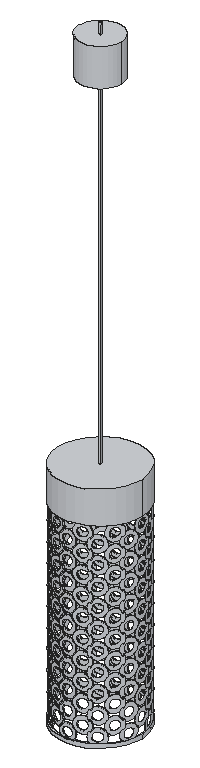
Revit family "MR_ОсветительныйПрибор_Ego_Подвесной", category Осветительные приборы, Revit 2020
Family settings
  Размер круглого соединителя = Использовать диаметр
  Тип детали = Нормальный
  На основе рабочей плоскости = Да
  Всегда вертикально = Да
  При загрузке вырезать с полостями = Нет
  Источник света = Да
  Общий = Да
  Точка расчета площади = Нет
Parameters (values of type "Ego_Подвесной_4000k")
  built-in parameter 1150104 = 13.8 (stored number, unit not read)
  built-in parameter 1150134 = 12
  Файл фотометрической сетки = "P864674NCNW.ies"
  Tilt Angle = 90.00°
  built-in parameter 1150137 = (empty or 0)
  built-in parameter 1150132 = 2
  built-in parameter 1150114 = 1 (stored number, unit not read)
  Dimming Lamp Color Temperature Shift = (empty or 0)
  built-in parameter 1150105 = 1239.3 (stored number, unit not read)
  Color Filter = 16777215
  Lumens = 1609 lm
  Самосветящий материал = Источник света по умолчанию
  built-in parameter 1150109 = 1 (stored number, unit not read)
  built-in parameter 1150112 = 1 (stored number, unit not read)
  built-in parameter 1150110 = 1 (stored number, unit not read)
  built-in parameter 1150113 = 1 (stored number, unit not read)
  built-in parameter 1150115 = 1 (stored number, unit not read)
  built-in parameter 1114218 = 1 (stored number, unit not read)
  built-in parameter 1114217 = 1 (stored number, unit not read)
  Apparent Load = ADSK_Номинальная мощность / ADSK_Коэффициент мощности  # 13.2653 VA
  Default Elevation = 1219.2 mm
  built-in parameter 1150106 = 12.393 (stored number, unit not read)
  Описание = "Ego подвесной"  # constant formula
  ОгрПодвеса [instance] = if(Длина подвеса < 50 mm, 50 mm, if(Длина подвеса > 2000 mm, 2000 mm, Длина подвеса))  # 1000 mm
  built-in parameter 1150133 = 10 (stored number, unit not read)
  Wattage = 10.832 W
  built-in parameter 1150139 = (empty or 0)
  Климатическая зона = "УХЛ1"  # constant formula
  Класс Защиты = "I"  # constant formula
  built-in parameter 1150138 = (empty or 0)
  built-in parameter 1150107 = 4000 (stored number, unit not read)
  built-in parameter 1150102 = (empty or 0)
  Emit from Circle Diameter = 30 mm
  Длина подвеса [instance] = 1000 mm
  Группа модели = "Ego"  # constant formula
  Видимая форма излучения при визуализации = yes
  IP Class = "IP65"  # constant formula
  ADSK_Этаж = ""
  ADSK_Ток = ADSK_Номинальная мощность / (ADSK_Коэффициент мощности * ADSK_Напряжение * sqrt(ADSK_Количество фаз числовое))  # 0.0576752 A
  ADSK_Примечание = ""
  ADSK_Полная мощность = ADSK_Номинальная мощность / ADSK_Коэффициент мощности  # 13.2653 VA
  ADSK_Позиция = ""
  ADSK_Номинальная мощность = 13 W
  ADSK_Напряжение = 230 V
  ADSK_Наименование = "Ego_Подвесной_4000k"
  ADSK_Материал = none
  ADSK_Масса = 10
  ADSK_Марка = ""
  ADSK_Коэффициент мощности = 0.98
  ADSK_Количество фаз числовое = 1
  ADSK_Количество фаз = 1
  ADSK_Количество = 1  # constant formula
  ADSK_Код изделия = "P864779__NW"
  ADSK_Классификация нагрузок = Освещение
  ADSK_Завод-изготовитель = "MartiniRUS"  # constant formula
  ADSK_Единица измерения = "шт."  # constant formula
  ADSK_Группирование = "Наружное освещение_светильник"
  ADSK_URL страницы изделия = "https://martinirus.ru/products/outdoor/ego"
Types (3, lengths in mm): name | built-in parameter 1150134 | Файл фотометрической сетки | built-in parameter 1150105 | Lumens | built-in parameter 1150106 | Wattage | built-in parameter 1150107 | ADSK_Наименование | ADSK_Код изделия
  (no name) | 12 | "P864674NCNW.ies" | 1239.3 (stored number, unit not read) | 1609 lm | 12.393 (stored number, unit not read) | 10.832 W | 4000 (stored number, unit not read) | "Ego_Подвесной_4000k" | "P864779__NW"
  Ego_Подвесной_4000k | 12 | "P864674NCNW.ies" | 1239.3 (stored number, unit not read) | 1609 lm | 12.393 (stored number, unit not read) | 10.832 W | 4000 (stored number, unit not read) | "Ego_Подвесной_4000k" | "P864779__NW"
  Ego_Подвесной_3000k | (empty or 0) | "P864674NCWW.ies" | 27084.1 (stored number, unit not read) | 1555 lm | 270.84 (stored number, unit not read) | 10.4684 W | 3000 (stored number, unit not read) | "Ego_Подвесной_3000k" | "P864779__WW"
Reference planes
  plane 1 "По центру (Вперед/Назад)": y = 0
  plane 2: z = 0
  plane 3 "По центру (Влево/Вправо)": x = 0
  plane 4 "Отступ": z = -1000
Forms (mm)
  Extrusion 1, solid, material <- "ADSK_Материал"
    sketch origin (0, 0, -1000) x (-1, 0, 0) y (0, -1, 0)
      loop
        circle (0, 0) r 109.5
    from 0 to -85.565
  Extrusion 2, solid, material <- "ADSK_Материал"
    sketch origin (0, 0, -1000) x (-1, 0, 0) y (0, -1, 0)
      loop
        circle (0, 0) r 109.5
      loop
        circle (0, 0) r 106
    from -593.355 to -603.105
  Extrusion 3, solid, material <- "ADSK_Материал"
    sketch origin (0, 0, 0) x (1, 0, 0) y (0, 1, 0)
      loop
        circle (0, 0) r 2.5
    from -1000 to 26.234
  Extrusion 4, solid, material <- "ADSK_Материал"
    sketch origin (0, 0, 0) x (1, 0, 0) y (0, 1, 0)
      loop
        circle (0, 0) r 55
    from 0 to -97
Dimensions and locks
  locked: plane 4 "Отступ" to imposter light at 99.647
  "ОгрПодвеса": level to plane 4 "Отступ"
  aligned and locked: level to plane 2
  aligned and locked: Extrusion 3 to plane 4 "Отступ"
Automatic sketch dimensions
  plane 1 "По центру (Вперед/Назад)" to Extrusion 1 sketch curve = 0 mm
  Extrusion 1 sketch curve to plane 3 "По центру (Влево/Вправо)" = 0 mm
  Extrusion 2 sketch curve to Extrusion 2 sketch curve = 0 mm  (x2)
  plane 1 "По центру (Вперед/Назад)" to Extrusion 2 sketch curve = 0 mm
  Extrusion 2 sketch curve to plane 3 "По центру (Влево/Вправо)" = 0 mm
  plane 1 "По центру (Вперед/Назад)" to Extrusion 3 sketch curve = 0 mm
  Extrusion 3 sketch curve to plane 3 "По центру (Влево/Вправо)" = 0 mm
  plane 1 "По центру (Вперед/Назад)" to Extrusion 4 sketch curve = 0 mm
  Extrusion 4 sketch curve to plane 3 "По центру (Влево/Вправо)" = 0 mm
  radius of Extrusion 1 sketch curve = 109.5 mm
  radius of Extrusion 2 sketch curve = 109.5 mm
  radius of Extrusion 2 sketch curve = 106 mm
  radius of Extrusion 3 sketch curve = 2.5 mm
  radius of Extrusion 4 sketch curve = 55 mm
Nested families
  nested 1: "MR_Корпус_Ego_Формообразующее_Узор3" at (0, 0, -1605), Узор <- "ADSK_Материал", type "MR_Корпус_Ego_Формообразующее_Узор3"
    with Узор none
Connectors
  electrical at (0, 0, 0), driven by "ADSK_Количество фаз", driven by "ADSK_Классификация нагрузок", driven by "ADSK_Напряжение", driven by "ADSK_Полная мощность", driven by "ADSK_Коэффициент мощности"
    settings: index 1, voltage 230 V, apparent load 0 VA, apparent load phase1 13.2653 VA, apparent load phase2 0 VA, apparent load phase3 0 VA, power factor 0.98, load classification "Освещение", number of poles 1, system type 31, power factor state 1, is connector primary yes, connector utility no, sub classification motor no, connector description ""
Definition of nested family "MR_Корпус_Ego_Формообразующее_Узор3"
  Parameters (values of type "MR_Корпус_Ego_Формообразующее_Узор3")
    Узор [instance] = none
    Default Elevation = 1219.2 mm
  Reference planes
    plane 1 "По центру (Вперед/Назад)": y = 0
    plane 2: z = 0
    plane 3 "По центру (Влево/Вправо)": x = 0
    plane 4: z = 500
  Forms (mm)
    Extrusion 1, solid, material <- "Узор"
      sketch origin (0, 0, 0) x (1, 0, 0) y (0, 0, 1)
        loop
          circle (0, 176.063) r 12.559
        loop
          circle (0, 176.063) r 21.559
        loop
          circle (0, 126.063) r 12.559
        loop
          circle (0, 126.063) r 21.559
        loop
          circle (0, 76.063) r 12.559
        loop
          circle (0, 76.063) r 21.559
        loop
          circle (0, 26.063) r 12.559
        loop
          circle (0, 26.063) r 21.559
        loop
          circle (0, 326.063) r 12.559
        loop
          circle (0, 326.063) r 21.559
        loop
          circle (0, 276.063) r 12.559
        loop
          circle (0, 276.063) r 21.559
        loop
          circle (0, 226.063) r 12.559
        loop
          circle (0, 226.063) r 21.559
        loop
          circle (0, 476.063) r 12.559
        loop
          circle (0, 476.063) r 21.559
        loop
          circle (0, 426.063) r 12.559
        loop
          circle (0, 426.063) r 21.559
        loop
          circle (0, 376.063) r 12.559
        loop
          circle (0, 376.063) r 21.559
      from 104.688 to 105.772
    Extrusion 2, solid, material <- "Узор"
      sketch origin (0, 0, 25) x (0.957078, -0.28983, 0) y (0, 0, 1)
        loop
          circle (0, 176.063) r 12.559
        loop
          circle (0, 176.063) r 21.559
        loop
          circle (0, 126.063) r 12.559
        loop
          circle (0, 126.063) r 21.559
        loop
          circle (0, 76.063) r 12.559
        loop
          circle (0, 76.063) r 21.559
        loop
          circle (0, 26.063) r 12.559
        loop
          circle (0, 26.063) r 21.559
        loop
          circle (0, 326.063) r 12.559
        loop
          circle (0, 326.063) r 21.559
        loop
          circle (0, 276.063) r 12.559
        loop
          circle (0, 276.063) r 21.559
        loop
          circle (0, 226.063) r 12.559
        loop
          circle (0, 226.063) r 21.559
        loop
          circle (0, 476.063) r 12.559
        loop
          circle (0, 476.063) r 21.559
        loop
          circle (0, 426.063) r 12.559
        loop
          circle (0, 426.063) r 21.559
        loop
          circle (0, 376.063) r 12.559
        loop
          circle (0, 376.063) r 21.559
      from 104.688 to 105.772
    Extrusion 3, solid, material <- "Узор"
      sketch origin (0, 0, 0) x (0.809017, -0.587785, 0) y (0, 0, 1)
        loop
          circle (0, 176.063) r 12.559
        loop
          circle (0, 176.063) r 21.559
        loop
          circle (0, 126.063) r 12.559
        loop
          circle (0, 126.063) r 21.559
        loop
          circle (0, 76.063) r 12.559
        loop
          circle (0, 76.063) r 21.559
        loop
          circle (0, 26.063) r 12.559
        loop
          circle (0, 26.063) r 21.559
        loop
          circle (0, 326.063) r 12.559
        loop
          circle (0, 326.063) r 21.559
        loop
          circle (0, 276.063) r 12.559
        loop
          circle (0, 276.063) r 21.559
        loop
          circle (0, 226.063) r 12.559
        loop
          circle (0, 226.063) r 21.559
        loop
          circle (0, 476.063) r 12.559
        loop
          circle (0, 476.063) r 21.559
        loop
          circle (0, 426.063) r 12.559
        loop
          circle (0, 426.063) r 21.559
        loop
          circle (0, 376.063) r 12.559
        loop
          circle (0, 376.063) r 21.559
      from 104.688 to 105.772
    Extrusion 4, solid, material <- "Узор"
      sketch origin (0, 0, 25) x (0.603935, -0.797034, 0) y (0, 0, 1)
        loop
          circle (0, 176.063) r 12.559
        loop
          circle (0, 176.063) r 21.559
        loop
          circle (0, 126.063) r 12.559
        loop
          circle (0, 126.063) r 21.559
        loop
          circle (0, 76.063) r 12.559
        loop
          circle (0, 76.063) r 21.559
        loop
          circle (0, 26.063) r 12.559
        loop
          circle (0, 26.063) r 21.559
        loop
          circle (0, 326.063) r 12.559
        loop
          circle (0, 326.063) r 21.559
        loop
          circle (0, 276.063) r 12.559
        loop
          circle (0, 276.063) r 21.559
        loop
          circle (0, 226.063) r 12.559
        loop
          circle (0, 226.063) r 21.559
        loop
          circle (0, 476.063) r 12.559
        loop
          circle (0, 476.063) r 21.559
        loop
          circle (0, 426.063) r 12.559
        loop
          circle (0, 426.063) r 21.559
        loop
          circle (0, 376.063) r 12.559
        loop
          circle (0, 376.063) r 21.559
      from 104.688 to 105.772
    Extrusion 5, solid, material <- "Узор"
      sketch origin (0, 0, 0) x (0.309017, -0.951057, 0) y (0, 0, 1)
        loop
          circle (0, 176.063) r 12.559
        loop
          circle (0, 176.063) r 21.559
        loop
          circle (0, 126.063) r 12.559
        loop
          circle (0, 126.063) r 21.559
        loop
          circle (0, 76.063) r 12.559
        loop
          circle (0, 76.063) r 21.559
        loop
          circle (0, 26.063) r 12.559
        loop
          circle (0, 26.063) r 21.559
        loop
          circle (0, 326.063) r 12.559
        loop
          circle (0, 326.063) r 21.559
        loop
          circle (0, 276.063) r 12.559
        loop
          circle (0, 276.063) r 21.559
        loop
          circle (0, 226.063) r 12.559
        loop
          circle (0, 226.063) r 21.559
        loop
          circle (0, 476.063) r 12.559
        loop
          circle (0, 476.063) r 21.559
        loop
          circle (0, 426.063) r 12.559
        loop
          circle (0, 426.063) r 21.559
        loop
          circle (0, 376.063) r 12.559
        loop
          circle (0, 376.063) r 21.559
      from 104.688 to 105.772
    Extrusion 6, solid, material <- "Узор"
      sketch origin (0, 0, 25) x (0.020109, -0.999798, 0) y (0, 0, 1)
        loop
          circle (0, 176.063) r 12.559
        loop
          circle (0, 176.063) r 21.559
        loop
          circle (0, 126.063) r 12.559
        loop
          circle (0, 126.063) r 21.559
        loop
          circle (0, 76.063) r 12.559
        loop
          circle (0, 76.063) r 21.559
        loop
          circle (0, 26.063) r 12.559
        loop
          circle (0, 26.063) r 21.559
        loop
          circle (0, 326.063) r 12.559
        loop
          circle (0, 326.063) r 21.559
        loop
          circle (0, 276.063) r 12.559
        loop
          circle (0, 276.063) r 21.559
        loop
          circle (0, 226.063) r 12.559
        loop
          circle (0, 226.063) r 21.559
        loop
          circle (0, 476.063) r 12.559
        loop
          circle (0, 476.063) r 21.559
        loop
          circle (0, 426.063) r 12.559
        loop
          circle (0, 426.063) r 21.559
        loop
          circle (0, 376.063) r 12.559
        loop
          circle (0, 376.063) r 21.559
      from 104.688 to 105.772
    Extrusion 7, solid, material <- "Узор"
      sketch origin (0, 0, 0) x (-0.309017, -0.951057, 0) y (0, 0, 1)
        loop
          circle (0, 176.063) r 12.559
        loop
          circle (0, 176.063) r 21.559
        loop
          circle (0, 126.063) r 12.559
        loop
          circle (0, 126.063) r 21.559
        loop
          circle (0, 76.063) r 12.559
        loop
          circle (0, 76.063) r 21.559
        loop
          circle (0, 26.063) r 12.559
        loop
          circle (0, 26.063) r 21.559
        loop
          circle (0, 326.063) r 12.559
        loop
          circle (0, 326.063) r 21.559
        loop
          circle (0, 276.063) r 12.559
        loop
          circle (0, 276.063) r 21.559
        loop
          circle (0, 226.063) r 12.559
        loop
          circle (0, 226.063) r 21.559
        loop
          circle (0, 476.063) r 12.559
        loop
          circle (0, 476.063) r 21.559
        loop
          circle (0, 426.063) r 12.559
        loop
          circle (0, 426.063) r 21.559
        loop
          circle (0, 376.063) r 12.559
        loop
          circle (0, 376.063) r 21.559
      from 104.688 to 105.772
    Extrusion 8, solid, material <- "Узор"
      sketch origin (0, 0, 25) x (-0.571398, -0.820673, 0) y (0, 0, 1)
        loop
          circle (0, 176.063) r 12.559
        loop
          circle (0, 176.063) r 21.559
        loop
          circle (0, 126.063) r 12.559
        loop
          circle (0, 126.063) r 21.559
        loop
          circle (0, 76.063) r 12.559
        loop
          circle (0, 76.063) r 21.559
        loop
          circle (0, 26.063) r 12.559
        loop
          circle (0, 26.063) r 21.559
        loop
          circle (0, 326.063) r 12.559
        loop
          circle (0, 326.063) r 21.559
        loop
          circle (0, 276.063) r 12.559
        loop
          circle (0, 276.063) r 21.559
        loop
          circle (0, 226.063) r 12.559
        loop
          circle (0, 226.063) r 21.559
        loop
          circle (0, 476.063) r 12.559
        loop
          circle (0, 476.063) r 21.559
        loop
          circle (0, 426.063) r 12.559
        loop
          circle (0, 426.063) r 21.559
        loop
          circle (0, 376.063) r 12.559
        loop
          circle (0, 376.063) r 21.559
      from 104.688 to 105.772
    Extrusion 9, solid, material <- "Узор"
      sketch origin (0, 0, 0) x (-0.809017, -0.587785, 0) y (0, 0, 1)
        loop
          circle (0, 176.063) r 12.559
        loop
          circle (0, 176.063) r 21.559
        loop
          circle (0, 126.063) r 12.559
        loop
          circle (0, 126.063) r 21.559
        loop
          circle (0, 76.063) r 12.559
        loop
          circle (0, 76.063) r 21.559
        loop
          circle (0, 26.063) r 12.559
        loop
          circle (0, 26.063) r 21.559
        loop
          circle (0, 326.063) r 12.559
        loop
          circle (0, 326.063) r 21.559
        loop
          circle (0, 276.063) r 12.559
        loop
          circle (0, 276.063) r 21.559
        loop
          circle (0, 226.063) r 12.559
        loop
          circle (0, 226.063) r 21.559
        loop
          circle (0, 476.063) r 12.559
        loop
          circle (0, 476.063) r 21.559
        loop
          circle (0, 426.063) r 12.559
        loop
          circle (0, 426.063) r 21.559
        loop
          circle (0, 376.063) r 12.559
        loop
          circle (0, 376.063) r 21.559
      from 104.688 to 105.772
    Extrusion 10, solid, material <- "Узор"
      sketch origin (0, 0, 25) x (-0.94465, -0.328079, 0) y (0, 0, 1)
        loop
          circle (0, 176.063) r 12.559
        loop
          circle (0, 176.063) r 21.559
        loop
          circle (0, 126.063) r 12.559
        loop
          circle (0, 126.063) r 21.559
        loop
          circle (0, 76.063) r 12.559
        loop
          circle (0, 76.063) r 21.559
        loop
          circle (0, 26.063) r 12.559
        loop
          circle (0, 26.063) r 21.559
        loop
          circle (0, 326.063) r 12.559
        loop
          circle (0, 326.063) r 21.559
        loop
          circle (0, 276.063) r 12.559
        loop
          circle (0, 276.063) r 21.559
        loop
          circle (0, 226.063) r 12.559
        loop
          circle (0, 226.063) r 21.559
        loop
          circle (0, 476.063) r 12.559
        loop
          circle (0, 476.063) r 21.559
        loop
          circle (0, 426.063) r 12.559
        loop
          circle (0, 426.063) r 21.559
        loop
          circle (0, 376.063) r 12.559
        loop
          circle (0, 376.063) r 21.559
      from 104.688 to 105.772
    Extrusion 11, solid, material <- "Узор"
      sketch origin (0, 0, 0) x (-1, 0, 0) y (0, 0, 1)
        loop
          circle (0, 176.063) r 12.559
        loop
          circle (0, 176.063) r 21.559
        loop
          circle (0, 126.063) r 12.559
        loop
          circle (0, 126.063) r 21.559
        loop
          circle (0, 76.063) r 12.559
        loop
          circle (0, 76.063) r 21.559
        loop
          circle (0, 26.063) r 12.559
        loop
          circle (0, 26.063) r 21.559
        loop
          circle (0, 326.063) r 12.559
        loop
          circle (0, 326.063) r 21.559
        loop
          circle (0, 276.063) r 12.559
        loop
          circle (0, 276.063) r 21.559
        loop
          circle (0, 226.063) r 12.559
        loop
          circle (0, 226.063) r 21.559
        loop
          circle (0, 476.063) r 12.559
        loop
          circle (0, 476.063) r 21.559
        loop
          circle (0, 426.063) r 12.559
        loop
          circle (0, 426.063) r 21.559
        loop
          circle (0, 376.063) r 12.559
        loop
          circle (0, 376.063) r 21.559
      from 104.688 to 105.772
    Extrusion 12, solid, material <- "Узор"
      sketch origin (0, 0, 25) x (-0.957078, 0.28983, 0) y (0, 0, 1)
        loop
          circle (0, 176.063) r 12.559
        loop
          circle (0, 176.063) r 21.559
        loop
          circle (0, 126.063) r 12.559
        loop
          circle (0, 126.063) r 21.559
        loop
          circle (0, 76.063) r 12.559
        loop
          circle (0, 76.063) r 21.559
        loop
          circle (0, 26.063) r 12.559
        loop
          circle (0, 26.063) r 21.559
        loop
          circle (0, 326.063) r 12.559
        loop
          circle (0, 326.063) r 21.559
        loop
          circle (0, 276.063) r 12.559
        loop
          circle (0, 276.063) r 21.559
        loop
          circle (0, 226.063) r 12.559
        loop
          circle (0, 226.063) r 21.559
        loop
          circle (0, 476.063) r 12.559
        loop
          circle (0, 476.063) r 21.559
        loop
          circle (0, 426.063) r 12.559
        loop
          circle (0, 426.063) r 21.559
        loop
          circle (0, 376.063) r 12.559
        loop
          circle (0, 376.063) r 21.559
      from 104.688 to 105.772
    Extrusion 13, solid, material <- "Узор"
      sketch origin (0, 0, 0) x (-0.809017, 0.587785, 0) y (0, 0, 1)
        loop
          circle (0, 176.063) r 12.559
        loop
          circle (0, 176.063) r 21.559
        loop
          circle (0, 126.063) r 12.559
        loop
          circle (0, 126.063) r 21.559
        loop
          circle (0, 76.063) r 12.559
        loop
          circle (0, 76.063) r 21.559
        loop
          circle (0, 26.063) r 12.559
        loop
          circle (0, 26.063) r 21.559
        loop
          circle (0, 326.063) r 12.559
        loop
          circle (0, 326.063) r 21.559
        loop
          circle (0, 276.063) r 12.559
        loop
          circle (0, 276.063) r 21.559
        loop
          circle (0, 226.063) r 12.559
        loop
          circle (0, 226.063) r 21.559
        loop
          circle (0, 476.063) r 12.559
        loop
          circle (0, 476.063) r 21.559
        loop
          circle (0, 426.063) r 12.559
        loop
          circle (0, 426.063) r 21.559
        loop
          circle (0, 376.063) r 12.559
        loop
          circle (0, 376.063) r 21.559
      from 104.688 to 105.772
    Extrusion 14, solid, material <- "Узор"
      sketch origin (0, 0, 25) x (-0.603935, 0.797034, 0) y (0, 0, 1)
        loop
          circle (0, 176.063) r 12.559
        loop
          circle (0, 176.063) r 21.559
        loop
          circle (0, 126.063) r 12.559
        loop
          circle (0, 126.063) r 21.559
        loop
          circle (0, 76.063) r 12.559
        loop
          circle (0, 76.063) r 21.559
        loop
          circle (0, 26.063) r 12.559
        loop
          circle (0, 26.063) r 21.559
        loop
          circle (0, 326.063) r 12.559
        loop
          circle (0, 326.063) r 21.559
        loop
          circle (0, 276.063) r 12.559
        loop
          circle (0, 276.063) r 21.559
        loop
          circle (0, 226.063) r 12.559
        loop
          circle (0, 226.063) r 21.559
        loop
          circle (0, 476.063) r 12.559
        loop
          circle (0, 476.063) r 21.559
        loop
          circle (0, 426.063) r 12.559
        loop
          circle (0, 426.063) r 21.559
        loop
          circle (0, 376.063) r 12.559
        loop
          circle (0, 376.063) r 21.559
      from 104.688 to 105.772
    Extrusion 15, solid, material <- "Узор"
      sketch origin (0, 0, 0) x (-0.309017, 0.951057, 0) y (0, 0, 1)
        loop
          circle (0, 176.063) r 12.559
        loop
          circle (0, 176.063) r 21.559
        loop
          circle (0, 126.063) r 12.559
        loop
          circle (0, 126.063) r 21.559
        loop
          circle (0, 76.063) r 12.559
        loop
          circle (0, 76.063) r 21.559
        loop
          circle (0, 26.063) r 12.559
        loop
          circle (0, 26.063) r 21.559
        loop
          circle (0, 326.063) r 12.559
        loop
          circle (0, 326.063) r 21.559
        loop
          circle (0, 276.063) r 12.559
        loop
          circle (0, 276.063) r 21.559
        loop
          circle (0, 226.063) r 12.559
        loop
          circle (0, 226.063) r 21.559
        loop
          circle (0, 476.063) r 12.559
        loop
          circle (0, 476.063) r 21.559
        loop
          circle (0, 426.063) r 12.559
        loop
          circle (0, 426.063) r 21.559
        loop
          circle (0, 376.063) r 12.559
        loop
          circle (0, 376.063) r 21.559
      from 104.688 to 105.772
    Extrusion 16, solid, material <- "Узор"
      sketch origin (0, 0, 25) x (-0.020109, 0.999798, 0) y (0, 0, 1)
        loop
          circle (0, 176.063) r 12.559
        loop
          circle (0, 176.063) r 21.559
        loop
          circle (0, 126.063) r 12.559
        loop
          circle (0, 126.063) r 21.559
        loop
          circle (0, 76.063) r 12.559
        loop
          circle (0, 76.063) r 21.559
        loop
          circle (0, 26.063) r 12.559
        loop
          circle (0, 26.063) r 21.559
        loop
          circle (0, 326.063) r 12.559
        loop
          circle (0, 326.063) r 21.559
        loop
          circle (0, 276.063) r 12.559
        loop
          circle (0, 276.063) r 21.559
        loop
          circle (0, 226.063) r 12.559
        loop
          circle (0, 226.063) r 21.559
        loop
          circle (0, 476.063) r 12.559
        loop
          circle (0, 476.063) r 21.559
        loop
          circle (0, 426.063) r 12.559
        loop
          circle (0, 426.063) r 21.559
        loop
          circle (0, 376.063) r 12.559
        loop
          circle (0, 376.063) r 21.559
      from 104.688 to 105.772
    Extrusion 17, solid, material <- "Узор"
      sketch origin (0, 0, 0) x (0.309017, 0.951057, 0) y (0, 0, 1)
        loop
          circle (0, 176.063) r 12.559
        loop
          circle (0, 176.063) r 21.559
        loop
          circle (0, 126.063) r 12.559
        loop
          circle (0, 126.063) r 21.559
        loop
          circle (0, 76.063) r 12.559
        loop
          circle (0, 76.063) r 21.559
        loop
          circle (0, 26.063) r 12.559
        loop
          circle (0, 26.063) r 21.559
        loop
          circle (0, 326.063) r 12.559
        loop
          circle (0, 326.063) r 21.559
        loop
          circle (0, 276.063) r 12.559
        loop
          circle (0, 276.063) r 21.559
        loop
          circle (0, 226.063) r 12.559
        loop
          circle (0, 226.063) r 21.559
        loop
          circle (0, 476.063) r 12.559
        loop
          circle (0, 476.063) r 21.559
        loop
          circle (0, 426.063) r 12.559
        loop
          circle (0, 426.063) r 21.559
        loop
          circle (0, 376.063) r 12.559
        loop
          circle (0, 376.063) r 21.559
      from 104.688 to 105.772
    Extrusion 18, solid, material <- "Узор"
      sketch origin (0, 0, 25) x (0.571398, 0.820673, 0) y (0, 0, 1)
        loop
          circle (0, 176.063) r 12.559
        loop
          circle (0, 176.063) r 21.559
        loop
          circle (0, 126.063) r 12.559
        loop
          circle (0, 126.063) r 21.559
        loop
          circle (0, 76.063) r 12.559
        loop
          circle (0, 76.063) r 21.559
        loop
          circle (0, 26.063) r 12.559
        loop
          circle (0, 26.063) r 21.559
        loop
          circle (0, 326.063) r 12.559
        loop
          circle (0, 326.063) r 21.559
        loop
          circle (0, 276.063) r 12.559
        loop
          circle (0, 276.063) r 21.559
        loop
          circle (0, 226.063) r 12.559
        loop
          circle (0, 226.063) r 21.559
        loop
          circle (0, 476.063) r 12.559
        loop
          circle (0, 476.063) r 21.559
        loop
          circle (0, 426.063) r 12.559
        loop
          circle (0, 426.063) r 21.559
        loop
          circle (0, 376.063) r 12.559
        loop
          circle (0, 376.063) r 21.559
      from 104.688 to 105.772
    Extrusion 19, solid, material <- "Узор"
      sketch origin (0, 0, 0) x (0.809017, 0.587785, 0) y (0, 0, 1)
        loop
          circle (0, 176.063) r 12.559
        loop
          circle (0, 176.063) r 21.559
        loop
          circle (0, 126.063) r 12.559
        loop
          circle (0, 126.063) r 21.559
        loop
          circle (0, 76.063) r 12.559
        loop
          circle (0, 76.063) r 21.559
        loop
          circle (0, 26.063) r 12.559
        loop
          circle (0, 26.063) r 21.559
        loop
          circle (0, 326.063) r 12.559
        loop
          circle (0, 326.063) r 21.559
        loop
          circle (0, 276.063) r 12.559
        loop
          circle (0, 276.063) r 21.559
        loop
          circle (0, 226.063) r 12.559
        loop
          circle (0, 226.063) r 21.559
        loop
          circle (0, 476.063) r 12.559
        loop
          circle (0, 476.063) r 21.559
        loop
          circle (0, 426.063) r 12.559
        loop
          circle (0, 426.063) r 21.559
        loop
          circle (0, 376.063) r 12.559
        loop
          circle (0, 376.063) r 21.559
      from 104.688 to 105.772
    Extrusion 20, solid, material <- "Узор"
      sketch origin (0, 0, 25) x (0.94465, 0.328079, 0) y (0, 0, 1)
        loop
          circle (0, 176.063) r 12.559
        loop
          circle (0, 176.063) r 21.559
        loop
          circle (0, 126.063) r 12.559
        loop
          circle (0, 126.063) r 21.559
        loop
          circle (0, 76.063) r 12.559
        loop
          circle (0, 76.063) r 21.559
        loop
          circle (0, 26.063) r 12.559
        loop
          circle (0, 26.063) r 21.559
        loop
          circle (0, 326.063) r 12.559
        loop
          circle (0, 326.063) r 21.559
        loop
          circle (0, 276.063) r 12.559
        loop
          circle (0, 276.063) r 21.559
        loop
          circle (0, 226.063) r 12.559
        loop
          circle (0, 226.063) r 21.559
        loop
          circle (0, 476.063) r 12.559
        loop
          circle (0, 476.063) r 21.559
        loop
          circle (0, 426.063) r 12.559
        loop
          circle (0, 426.063) r 21.559
        loop
          circle (0, 376.063) r 12.559
        loop
          circle (0, 376.063) r 21.559
      from 104.688 to 105.772
  Cuts and joins
    joined: Extrusion 9, Extrusion 11
  Lines and regions (mm)
    reference lines
      curve 1: circle (0, 0, 0) r 108 normal (0, 0, 1)
  Dimensions and locks
    aligned and locked: level to plane 2
